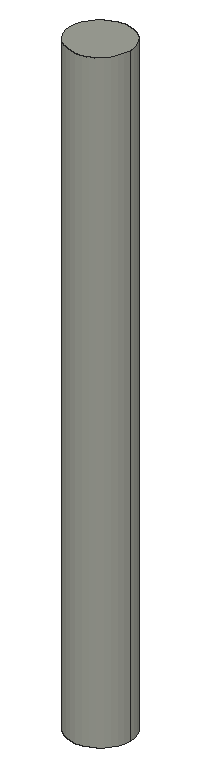
Revit family "Estaca", category Structural Foundations, Revit 2025
Family settings
  Material for Model Behavior = Concrete
  Cap = No
  Work Plane-Based = No
  Always vertical = Yes
  Cut with Voids When Loaded = No
  Shared = Yes
  Show family pre-cut in plan views = Yes
Parameters (values of type "Estaca_60")
  Structural Material [instance] = CT_Concreto
  Estaca_Raio = Estaca_Diâmetro / 2  # 300 mm
  Estaca_Embutimento_Mínimo = 152 mm
  Estaca_Profundidade = 6000 mm
  Estaca_Diâmetro = 600 mm
  Assembly Code = "A1020130"
Reference planes
  plane 1 "Center (Front/Back)": y = 0
  plane 2: z = 0
  plane 3 "Center (Left/Right)": x = 0
  plane 4: z = -6000
  plane 5: z = 152
Forms (mm)
  Extrusion 1, solid, material "CT_Concreto" <- "Structural Material"
    sketch origin (0, 0, 0) x (1, 0, 0) y (0, 1, 0)
      loop
        circle (0, 0) r 300
    from -6000 to 152
Dimensions and locks
  "Estaca_Profundidade": plane 2 to plane 4
  "Estaca_Embutimento_Mínimo": plane 5 to plane 2
  "Estaca_Raio": radius of Extrusion 1 sketch curve
  aligned and locked: Extrusion 1 to plane 4
  aligned and locked: Extrusion 1 to plane 5
Automatic sketch dimensions
  plane 1 "Center (Front/Back)" to Extrusion 1 sketch curve = 0 mm
  Extrusion 1 sketch curve to plane 3 "Center (Left/Right)" = 0 mm
